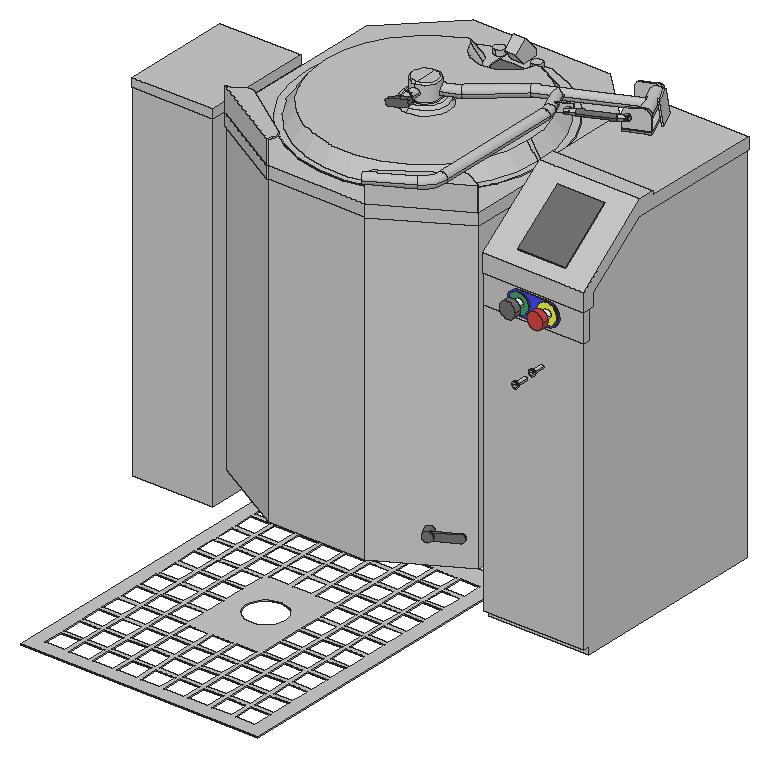
Revit family "QF_DIETATEC_C-CLASSIC_100_180516033213", category Specialty Equipment, Revit 2015 (continued)
Definition of nested family "QF_Dietatec_C-CLASSIC_100_FL"
  Lines and regions (mm)
    symbolic lines
      curve 246: line (553.5, -1114.5, 0) -> (553.5, -1064.5, 0)
      curve 247: line (563.5, -1114.5, 0) -> (613.5, -1114.5, 0)
      curve 248: line (563.5, -1064.5, 0) -> (563.5, -1114.5, 0)
      curve 249: line (613.5, -1064.5, 0) -> (563.5, -1064.5, 0)
      curve 250: line (613.5, -1114.5, 0) -> (613.5, -1064.5, 0)
      curve 251: line (83.5, -1054.5, 0) -> (133.5, -1054.5, 0)
      curve 252: line (83.5, -1004.5, 0) -> (83.5, -1054.5, 0)
      curve 253: line (133.5, -1004.5, 0) -> (83.5, -1004.5, 0)
      curve 254: line (133.5, -1054.5, 0) -> (133.5, -1004.5, 0)
      curve 255: line (143.5, -1054.5, 0) -> (193.5, -1054.5, 0)
      curve 256: line (143.5, -1004.5, 0) -> (143.5, -1054.5, 0)
      curve 257: line (193.5, -1004.5, 0) -> (143.5, -1004.5, 0)
      curve 258: line (193.5, -1054.5, 0) -> (193.5, -1004.5, 0)
      curve 259: line (203.5, -1054.5, 0) -> (253.5, -1054.5, 0)
      curve 260: line (203.5, -1004.5, 0) -> (203.5, -1054.5, 0)
      curve 261: line (253.5, -1004.5, 0) -> (203.5, -1004.5, 0)
      curve 262: line (253.5, -1054.5, 0) -> (253.5, -1004.5, 0)
      curve 263: line (263.5, -1054.5, 0) -> (313.5, -1054.5, 0)
      curve 264: line (263.5, -1004.5, 0) -> (263.5, -1054.5, 0)
      curve 265: line (313.5, -1004.5, 0) -> (263.5, -1004.5, 0)
      curve 266: line (313.5, -1054.5, 0) -> (313.5, -1004.5, 0)
      curve 267: line (323.5, -1054.5, 0) -> (373.5, -1054.5, 0)
      curve 268: line (323.5, -1004.5, 0) -> (323.5, -1054.5, 0)
      curve 269: line (373.5, -1004.5, 0) -> (323.5, -1004.5, 0)
      curve 270: line (373.5, -1054.5, 0) -> (373.5, -1004.5, 0)
      curve 271: line (383.5, -1054.5, 0) -> (433.5, -1054.5, 0)
      curve 272: line (383.5, -1004.5, 0) -> (383.5, -1054.5, 0)
      curve 273: line (433.5, -1004.5, 0) -> (383.5, -1004.5, 0)
      curve 274: line (433.5, -1054.5, 0) -> (433.5, -1004.5, 0)
      curve 275: line (443.5, -1054.5, 0) -> (493.5, -1054.5, 0)
      curve 276: line (443.5, -1004.5, 0) -> (443.5, -1054.5, 0)
      curve 277: line (493.5, -1004.5, 0) -> (443.5, -1004.5, 0)
      curve 278: line (493.5, -1054.5, 0) -> (493.5, -1004.5, 0)
      curve 279: line (503.5, -1054.5, 0) -> (553.5, -1054.5, 0)
      curve 280: line (503.5, -1004.5, 0) -> (503.5, -1054.5, 0)
      curve 281: line (553.5, -1004.5, 0) -> (503.5, -1004.5, 0)
      curve 282: line (553.5, -1054.5, 0) -> (553.5, -1004.5, 0)
      curve 283: line (563.5, -1054.5, 0) -> (613.5, -1054.5, 0)
      curve 284: line (563.5, -1004.5, 0) -> (563.5, -1054.5, 0)
      curve 285: line (613.5, -1004.5, 0) -> (563.5, -1004.5, 0)
      curve 286: line (613.5, -1054.5, 0) -> (613.5, -1004.5, 0)
      curve 287: line (83.5, -994.5, 0) -> (133.5, -994.5, 0)
      curve 288: line (83.5, -944.5, 0) -> (83.5, -994.5, 0)
      curve 289: line (133.5, -944.5, 0) -> (83.5, -944.5, 0)
      curve 290: line (133.5, -994.5, 0) -> (133.5, -944.5, 0)
      curve 291: line (143.5, -994.5, 0) -> (193.5, -994.5, 0)
      curve 292: line (143.5, -944.5, 0) -> (143.5, -994.5, 0)
      curve 293: line (193.5, -944.5, 0) -> (143.5, -944.5, 0)
      curve 294: line (193.5, -994.5, 0) -> (193.5, -944.5, 0)
      curve 295: line (203.5, -994.5, 0) -> (253.5, -994.5, 0)
      curve 296: line (203.5, -944.5, 0) -> (203.5, -994.5, 0)
      curve 297: line (253.5, -944.5, 0) -> (203.5, -944.5, 0)
      curve 298: line (253.5, -994.5, 0) -> (253.5, -944.5, 0)
      curve 299: line (443.5, -994.5, 0) -> (493.5, -994.5, 0)
      curve 300: line (443.5, -944.5, 0) -> (443.5, -994.5, 0)
      curve 301: line (493.5, -944.5, 0) -> (443.5, -944.5, 0)
      curve 302: line (493.5, -994.5, 0) -> (493.5, -944.5, 0)
      curve 303: line (503.5, -994.5, 0) -> (553.5, -994.5, 0)
      curve 304: line (503.5, -944.5, 0) -> (503.5, -994.5, 0)
      curve 305: line (553.5, -944.5, 0) -> (503.5, -944.5, 0)
      curve 306: line (553.5, -994.5, 0) -> (553.5, -944.5, 0)
      curve 307: line (563.5, -994.5, 0) -> (613.5, -994.5, 0)
      curve 308: line (563.5, -944.5, 0) -> (563.5, -994.5, 0)
      curve 309: line (613.5, -944.5, 0) -> (563.5, -944.5, 0)
      curve 310: line (613.5, -994.5, 0) -> (613.5, -944.5, 0)
      curve 311: line (83.5, -934.5, 0) -> (133.5, -934.5, 0)
      curve 312: line (83.5, -884.5, 0) -> (83.5, -934.5, 0)
      curve 313: line (133.5, -884.5, 0) -> (83.5, -884.5, 0)
      curve 314: line (133.5, -934.5, 0) -> (133.5, -884.5, 0)
      curve 315: line (143.5, -934.5, 0) -> (193.5, -934.5, 0)
      curve 316: line (143.5, -884.5, 0) -> (143.5, -934.5, 0)
      curve 317: line (193.5, -884.5, 0) -> (143.5, -884.5, 0)
      curve 318: line (193.5, -934.5, 0) -> (193.5, -884.5, 0)
      curve 319: line (203.5, -934.5, 0) -> (253.5, -934.5, 0)
      curve 320: line (203.5, -884.5, 0) -> (203.5, -934.5, 0)
      curve 321: line (253.5, -884.5, 0) -> (203.5, -884.5, 0)
      curve 322: line (253.5, -934.5, 0) -> (253.5, -884.5, 0)
      curve 323: line (443.5, -934.5, 0) -> (493.5, -934.5, 0)
      curve 324: line (443.5, -884.5, 0) -> (443.5, -934.5, 0)
      curve 325: line (493.5, -884.5, 0) -> (443.5, -884.5, 0)
      curve 326: line (493.5, -934.5, 0) -> (493.5, -884.5, 0)
      curve 327: line (503.5, -934.5, 0) -> (553.5, -934.5, 0)
      curve 328: line (503.5, -884.5, 0) -> (503.5, -934.5, 0)
      curve 329: line (553.5, -884.5, 0) -> (503.5, -884.5, 0)
      curve 330: line (553.5, -934.5, 0) -> (553.5, -884.5, 0)
      curve 331: line (563.5, -934.5, 0) -> (613.5, -934.5, 0)
      curve 332: line (563.5, -884.5, 0) -> (563.5, -934.5, 0)
      curve 333: line (613.5, -884.5, 0) -> (563.5, -884.5, 0)
      curve 334: line (613.5, -934.5, 0) -> (613.5, -884.5, 0)
      curve 335: line (83.5, -874.5, 0) -> (133.5, -874.5, 0)
      curve 336: line (83.5, -824.5, 0) -> (83.5, -874.5, 0)
      curve 337: line (133.5, -824.5, 0) -> (83.5, -824.5, 0)
      curve 338: line (133.5, -874.5, 0) -> (133.5, -824.5, 0)
      curve 339: line (143.5, -874.5, 0) -> (193.5, -874.5, 0)
      curve 340: line (143.5, -824.5, 0) -> (143.5, -874.5, 0)
      curve 341: line (193.5, -824.5, 0) -> (143.5, -824.5, 0)
      curve 342: line (193.5, -874.5, 0) -> (193.5, -824.5, 0)
      curve 343: line (203.5, -874.5, 0) -> (253.5, -874.5, 0)
      curve 344: line (203.5, -824.5, 0) -> (203.5, -874.5, 0)
      curve 345: line (253.5, -824.5, 0) -> (203.5, -824.5, 0)
      curve 346: line (253.5, -874.5, 0) -> (253.5, -824.5, 0)
      curve 347: line (443.5, -874.5, 0) -> (493.5, -874.5, 0)
      curve 348: line (443.5, -824.5, 0) -> (443.5, -874.5, 0)
      curve 349: line (493.5, -824.5, 0) -> (443.5, -824.5, 0)
      curve 350: line (493.5, -874.5, 0) -> (493.5, -824.5, 0)
      curve 351: line (503.5, -874.5, 0) -> (553.5, -874.5, 0)
      curve 352: line (503.5, -824.5, 0) -> (503.5, -874.5, 0)
      curve 353: line (553.5, -824.5, 0) -> (503.5, -824.5, 0)
      curve 354: line (553.5, -874.5, 0) -> (553.5, -824.5, 0)
      curve 355: line (563.5, -874.5, 0) -> (613.5, -874.5, 0)
      curve 356: line (563.5, -824.5, 0) -> (563.5, -874.5, 0)
      curve 357: line (613.5, -824.5, 0) -> (563.5, -824.5, 0)
      curve 358: line (613.5, -874.5, 0) -> (613.5, -824.5, 0)
      curve 359: line (83.5, -814.5, 0) -> (133.5, -814.5, 0)
      curve 360: line (83.5, -764.5, 0) -> (83.5, -814.5, 0)
      curve 361: line (133.5, -764.5, 0) -> (83.5, -764.5, 0)
      curve 362: line (133.5, -814.5, 0) -> (133.5, -764.5, 0)
      curve 363: line (143.5, -814.5, 0) -> (193.5, -814.5, 0)
      curve 364: line (143.5, -764.5, 0) -> (143.5, -814.5, 0)
      curve 365: line (193.5, -764.5, 0) -> (143.5, -764.5, 0)
      curve 366: line (193.5, -814.5, 0) -> (193.5, -764.5, 0)
      curve 367: line (203.5, -814.5, 0) -> (253.5, -814.5, 0)
      curve 368: line (203.5, -764.5, 0) -> (203.5, -814.5, 0)
      curve 369: line (253.5, -764.5, 0) -> (203.5, -764.5, 0)
      curve 370: line (253.5, -814.5, 0) -> (253.5, -764.5, 0)
      curve 371: line (443.5, -814.5, 0) -> (493.5, -814.5, 0)
      curve 372: line (443.5, -764.5, 0) -> (443.5, -814.5, 0)
      curve 373: line (493.5, -764.5, 0) -> (443.5, -764.5, 0)
      curve 374: line (493.5, -814.5, 0) -> (493.5, -764.5, 0)
      curve 375: line (503.5, -814.5, 0) -> (553.5, -814.5, 0)
      curve 376: line (503.5, -764.5, 0) -> (503.5, -814.5, 0)
      curve 377: line (553.5, -764.5, 0) -> (520.361, -764.5, 0)
      curve 378: line (553.5, -814.5, 0) -> (553.5, -764.5, 0)
      curve 379: line (563.5, -814.5, 0) -> (613.5, -814.5, 0)
      curve 380: line (563.5, -764.5, 0) -> (563.5, -814.5, 0)
      curve 381: line (613.5, -764.5, 0) -> (563.5, -764.5, 0)
      curve 382: line (613.5, -814.5, 0) -> (613.5, -764.5, 0)
      curve 383: line (83.5, -754.5, 0) -> (133.5, -754.5, 0)
      curve 384: line (83.5, -704.5, 0) -> (83.5, -754.5, 0)
      curve 385: line (133.5, -704.5, 0) -> (83.5, -704.5, 0)
      curve 386: line (133.5, -754.5, 0) -> (133.5, -704.5, 0)
      curve 387: line (143.5, -754.5, 0) -> (193.5, -754.5, 0)
      curve 388: line (143.5, -704.5, 0) -> (143.5, -754.5, 0)
      curve 389: line (193.5, -704.5, 0) -> (143.5, -704.5, 0)
      curve 390: line (193.5, -754.5, 0) -> (193.5, -704.5, 0)
      curve 391: line (203.5, -754.5, 0) -> (253.5, -754.5, 0)
      curve 392: line (203.5, -704.5, 0) -> (203.5, -754.5, 0)
      curve 393: line (211.034, -704.5, 0) -> (203.5, -704.5, 0)
      curve 394: line (253.5, -754.5, 0) -> (253.5, -710, 0)
      curve 395: line (263.5, -754.5, 0) -> (313.5, -754.5, 0)
      curve 396: line (263.5, -710, 0) -> (263.5, -754.5, 0)
      curve 397: line (313.5, -754.5, 0) -> (313.5, -710, 0)
      curve 398: line (323.5, -754.5, 0) -> (373.5, -754.5, 0)
      curve 399: line (323.5, -710, 0) -> (323.5, -754.5, 0)
      curve 400: line (373.5, -754.5, 0) -> (373.5, -710, 0)
      curve 401: line (383.5, -754.5, 0) -> (433.5, -754.5, 0)
      curve 402: line (383.5, -710, 0) -> (383.5, -754.5, 0)
      curve 403: line (433.5, -754.5, 0) -> (433.5, -710, 0)
      curve 404: line (443.5, -754.5, 0) -> (493.5, -754.5, 0)
      curve 405: line (443.5, -710, 0) -> (443.5, -754.5, 0)
      curve 406: line (493.5, -704.5, 0) -> (485.966, -704.5, 0)
      curve 407: line (493.5, -754.5, 0) -> (493.5, -704.5, 0)
      curve 408: line (537.681, -754.5, 0) -> (553.5, -754.5, 0)
      curve 409: line (503.5, -704.5, 0) -> (503.5, -745.367, 0)
      curve 410: line (553.5, -704.5, 0) -> (503.5, -704.5, 0)
      curve 411: line (553.5, -754.5, 0) -> (553.5, -745.367, 0)
      curve 412: line (563.5, -754.5, 0) -> (613.5, -754.5, 0)
      curve 413: line (563.5, -704.5, 0) -> (563.5, -710.726, 0)
      curve 414: line (574.284, -704.5, 0) -> (563.5, -704.5, 0)
      curve 415: line (613.5, -754.5, 0) -> (613.5, -710.225, 0)
      curve 416: line (83.5, -694.5, 0) -> (133.5, -694.5, 0)
      curve 417: line (83.5, -644.5, 0) -> (83.5, -694.5, 0)
      curve 418: line (107.111, -644.5, 0) -> (83.5, -644.5, 0)
      curve 419: line (133.5, -694.5, 0) -> (133.5, -659.736, 0)
      curve 420: line (143.5, -694.5, 0) -> (193.713, -694.5, 0)
      curve 421: line (143.5, -665.509, 0) -> (143.5, -694.5, 0)
      curve 422: line (503.287, -694.5, 0) -> (553.5, -694.5, 0)
      curve 423: line (553.5, -694.5, 0) -> (553.5, -665.509, 0)
      curve 424: line (563.5, -694.5, 0) -> (591.604, -694.5, 0)
      curve 425: line (563.5, -659.736, 0) -> (563.5, -694.5, 0)
      curve 426: line (613.5, -644.5, 0) -> (595.852, -644.5, 0)
      curve 427: line (1.5, -526, 0) -> (0, -526, 0)
      curve 428: line (1.5, -526, 0) -> (1.5, -519.5, 0)
      curve 429: line (1.5, -519.5, 0) -> (10, -519.5, 0)
      curve 430: line (10, -519.5, 0) -> (10, -520.45, 0)
      curve 431: line (10, -520.45, 0) -> (24.65, -520.45, 0)
      curve 432: line (24.65, -520.45, 0) -> (24.65, -521.381, 0)
      curve 433: arc (24.65, -521.381, 0) -> (25.866, -521.401, 0) -> (27, -521.838, 0) r 3.478
      curve 434: line (695.5, -426, 0) -> (697, -426, 0)
      curve 435: line (695.5, -426, 0) -> (695.5, -432.5, 0)
      curve 436: line (695.5, -432.5, 0) -> (687, -432.5, 0)
      curve 437: line (687, -432.5, 0) -> (687, -431.55, 0)
      curve 438: line (687, -431.55, 0) -> (672.35, -431.55, 0)
      curve 439: line (672.35, -431.55, 0) -> (672.35, -430.619, 0)
      curve 440: arc (672.35, -430.619, 0) -> (671.134, -430.599, 0) -> (670, -430.162, 0) r 3.478
      curve 441: line (687, -432.5, 0) -> (687, -519.5, 0)
      curve 442: line (695.5, -526, 0) -> (697, -526, 0)
      curve 443: line (695.5, -526, 0) -> (695.5, -519.5, 0)
      curve 444: line (695.5, -519.5, 0) -> (687, -519.5, 0)
      curve 445: line (687, -519.5, 0) -> (687, -520.45, 0)
      curve 446: line (687, -520.45, 0) -> (672.35, -520.45, 0)
      curve 447: line (672.35, -520.45, 0) -> (672.35, -521.381, 0)
      curve 448: arc (672.35, -521.381, 0) -> (671.134, -521.401, 0) -> (670, -521.838, 0) r 3.478
      curve 449: line (553.5, -716.5, 0) -> (553.5, -704.5, 0)
      curve 450: line (563.5, -739.594, 0) -> (563.5, -754.5, 0)
      curve 451: line (507.678, -764.5, 0) -> (503.5, -764.5, 0)
      curve 452: arc (613.294, -660.286, 0) -> (608.26, -679.072, 0) -> (594.508, -692.823, 0) r 37.57
      curve 453: arc (607.378, -714.261, 0) -> (630.043, -691.595, 0) -> (638.34, -660.633, 0) r 61.924
      curve 454: arc (638.34, -336.112, 0) -> (636.849, -322.498, 0) -> (632.446, -309.528, 0) r 62.903
      curve 455: arc (609.948, -320.436, 0) -> (612.447, -327.799, 0) -> (613.294, -335.528, 0) r 35.711
      curve 456: line (655.004, -281.002, 0) -> (625.549, -294.737, 0)
      curve 457: line (626.817, -297.456, 0) -> (656.272, -283.721, 0)
      curve 458: line (656.272, -283.721, 0) -> (655.004, -281.002, 0)
      curve 459: line (640.514, -276.449, 0) -> (644.139, -274.759, 0)
      curve 460: line (653.665, -288.089, 0) -> (644.602, -292.316, 0)
      curve 461: line (653.34, -305.494, 0) -> (658.144, -303.255, 0)
      curve 462: line (666.354, -282.765, 0) -> (672.693, -296.36, 0)
      curve 463: line (740.671, -248.111, 0) -> (747.01, -261.705, 0)
      curve 464: line (640.514, -276.449, 0) -> (640.03, -277.778, 0)
      curve 465: line (640.03, -277.778, 0) -> (643.939, -286.162, 0)
      curve 466: line (644.602, -292.316, 0) -> (643.394, -289.726, 0)
      curve 467: line (644.139, -274.759, 0) -> (645.468, -275.243, 0)
      curve 468: line (645.468, -275.243, 0) -> (649.377, -283.626, 0)
      curve 469: line (653.665, -288.089, 0) -> (652.458, -285.5, 0)
      curve 470: line (653.34, -305.494, 0) -> (652.03, -302.685, 0)
      curve 471: line (648.187, -294.547, 0) -> (646.412, -291.472, 0)
      curve 472: line (658.144, -303.255, 0) -> (656.834, -300.445, 0)
      curve 473: line (653.07, -292.27, 0) -> (651.855, -288.933, 0)
      curve 474: line (644.634, -296.204, 0) -> (667.622, -285.484, 0)
      curve 475: line (648.437, -304.36, 0) -> (671.425, -293.641, 0)
      curve 476: arc (644.634, -296.204, 0) -> (645.287, -300.864, 0) -> (648.437, -304.36, 0) r 8.039
      curve 477: line (666.354, -282.765, 0) -> (740.671, -248.111, 0)
      curve 478: line (672.693, -296.36, 0) -> (747.01, -261.705, 0)
      curve 479: line (764.924, -240.112, 0) -> (741.939, -250.829, 0)
      curve 480: line (768.727, -248.268, 0) -> (745.743, -258.986, 0)
      curve 481: arc (764.924, -240.112, 0) -> (768.071, -243.609, 0) -> (768.727, -248.268, 0) r 8.055
      curve 482: line (761.644, -254.992, 0) -> (766.448, -252.752, 0)
      curve 483: line (766.448, -252.752, 0) -> (765.138, -249.942, 0)
      curve 484: line (761.374, -241.767, 0) -> (760.159, -238.43, 0)
      curve 485: line (761.644, -254.992, 0) -> (760.334, -252.182, 0)
      curve 486: line (756.491, -244.044, 0) -> (754.716, -240.969, 0)
      curve 487: line (752.906, -241.813, 0) -> (761.969, -237.586, 0)
      curve 488: line (761.969, -237.586, 0) -> (760.656, -234.77, 0)
      curve 489: line (752.906, -241.813, 0) -> (751.593, -238.996, 0)
      curve 490: line (748.334, -227.276, 0) -> (748.818, -225.947, 0)
      curve 491: line (748.818, -225.947, 0) -> (752.443, -224.256, 0)
      curve 492: line (752.443, -224.256, 0) -> (753.772, -224.74, 0)
      curve 493: line (753.772, -224.74, 0) -> (757.153, -231.99, 0)
      curve 494: line (748.334, -227.276, 0) -> (751.715, -234.526, 0)
      curve 495: line (613.294, -651.772, 0) -> (603.362, -657.506, 0)
      curve 496: line (638.34, -643.085, 0) -> (648.5, -637.219, 0)
      curve 497: line (638.34, -616.527, 0) -> (648.5, -610.661, 0)
      curve 498: arc (638.34, -443.415, 0) -> (645.949, -405.039, 0) -> (648.5, -366, 0) r 300
      curve 499: arc (579.884, -244.312, 0) -> (524.124, -168.466, 0) -> (444.788, -117.796, 0) r 256.929
      curve 500: arc (620.853, -225.207, 0) -> (542.845, -122.461, 0) -> (428.9, -61.974, 0) r 300
      curve 501: line (727.182, -203.21, 0) -> (745.248, -241.955, 0)
      curve 502: arc (415.5, -60.145, 0) -> (422.262, -60.605, 0) -> (428.9, -61.974, 0) r 50
      curve 503: arc (406.018, -352.971, 0) -> (397.26, -399.174, 0) -> (357.5, -424.284, 0) r 58.975
      curve 504: arc (333.5, -88.405, 0) -> (323.7, -89.108, 0) -> (313.931, -90.158, 0) r 278
  Dimensions and locks
    plane 3 "Left" to plane 4 "Right" = 950.5 mm
    plane 5 "Front" to plane 1 "Back" = 769.992 mm
    Extrusion 41 to Extrusion 41 = 1153.5 mm
    aligned and locked: level to plane 2
  Connectors
    electrical at (803.5, -97.5, 120), driven by "Apparent Power", driven by "Volts", driven by "Number of Poles"
      settings: on Extrusion 44, index 4, voltage 230 V, apparent load 0 VA, apparent load phase1 500 VA, apparent load phase2 0 VA, apparent load phase3 0 VA, power factor 1, load classification none, number of poles 1, system type 31, power factor state 1, is connector primary yes, connector utility no, sub classification motor no, connector description "electrical connection"
    piping at (873.5, -97.5, 120), diameter 12.7, driven by "Cold Water Size", driven by "Cold Water Flow"
      settings: on Extrusion 43, index 5, connector inside diameter 609.6 mm, connector length 0 mm, flow factor 0, pipe flow 0.0 L/s, pressure drop 0.0 Pa, fitting loss kfactor 0, connector angle 0.00°, fixture units 0, engagement length 0 mm, angle of deflection 0.00°, flow configuration 1, flow direction 1, fitting loss method 0, system type 20, joint type 0, gender type 0, connector reference index -1, connector utility 0, adjustable connector no, is connector primary yes, connector description "water inlet"
Definition of nested family "QF_Dietatec_KETTLE_LEFT_LEG"
  Parameters (values of type "KETTLE_LEFT_LEG")
    Width [instance] = 0 mm
    Weight in Pounds = 0
    URL Cutsheet = "www.dietatec.com"
    URL = "www.dietatec.com"
    Status [instance] = ""
    Specification by User [instance] = ""
    Specification by Manufacturer = ""
    Show Logo [instance] = yes
    Show Clearance [instance] = yes
    Serial Number = ""
    Seismic Rating = ""
    SMACNA No = ""
    Revision Code [instance] = ""
    NAFEM Spec ID Number = ""
    Model = "KETTLE_LEFT_LEG"
    Masterspec = ""
    Manufacturer = "DIETATEC"
    ListPrice [instance] = 0
    Item Number [instance] = ""
    Installed By [instance] = ""
    Identify Quantity as Lot [instance] = no
    Height [instance] = 0 mm
    Furnished By [instance] = ""
    Foodservice Equipment Identifier [instance] = yes
    Description = "LEFT LEG OF C-CLASSIC AND CELER MODELS"
    Depth [instance] = 0 mm
    CSI MasterFormat = ""
    Assembly Code = "E1090320"
  Reference planes
    plane 1 "Back": y = 0
    plane 2: z = 0
    plane 3 "Left": x = 0
    plane 4 "Right": x = 1153.5
    plane 5 "Front": y = -770
    plane 6 "Top": z = 1000
  Forms (mm)
    Extrusion 1, solid
      sketch origin (-203, 0, 0) x (1, 0, 0) y (0, 1, 0)
        loop
          line (201.5, -326) -> (1.5, -326) -> (1.5, -601) -> (201.5, -601) -> (201.5, -326)
      from 0 to 880
    Extrusion 2, solid
      sketch origin (-1081.5, -472.5, -153) x (1, 0, 0) y (0, 0, 1)
        loop
          circle (930, 278) r 15
      from -150 to -146.5
    Extrusion 3, solid
      sketch origin (-981.5, -472.5, -153) x (1, 0, 0) y (0, 0, 1)
        loop
          circle (930, 278) r 15
      from -150 to -146.5
    Extrusion 4, solid
      sketch origin (-203, 0, 880) x (1, 0, 0) y (0, 1, 0)
        loop
          line (203, -324.5) -> (0, -324.5) -> (0, -602.5) -> (203, -602.5) -> (203, -324.5)
      from 0 to 21
  Lines and regions (mm)
    symbolic lines
      curve 1: line (0, -324.5, 0) -> (-203, -324.5, 0)
      curve 2: line (0, -602.5, 0) -> (0, -324.5, 0)
      curve 3: line (-203, -602.5, 0) -> (0, -602.5, 0)
      curve 4: line (-203, -324.5, 0) -> (-203, -602.5, 0)
  Dimensions and locks
    plane 3 "Left" to plane 4 "Right" = 1153.5 mm
    plane 5 "Front" to plane 1 "Back" = 770 mm
    aligned and locked: level to plane 2
